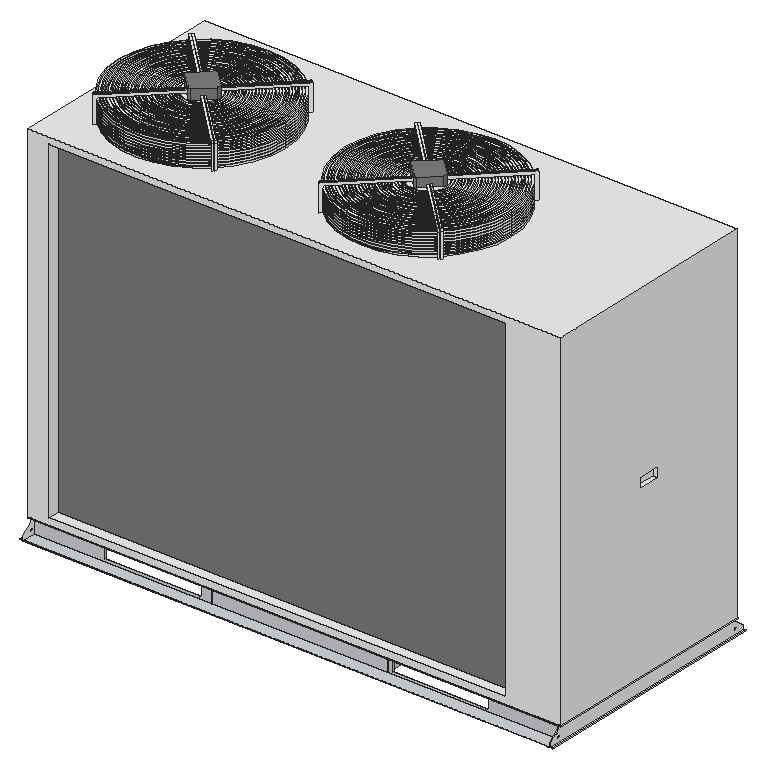
Revit family "CHP040VP", category Generic Models, Revit 2017
Family settings
  Can host rebar = No
  Round Connector Dimension = Use Diameter
  Part Type = Normal
  Work Plane-Based = No
  Always vertical = Yes
  Cut with Voids When Loaded = No
  Shared = No
  Room Calculation Point = No
Parameters
  Weight [instance] = 380.00 kg
  Refrigerant type [instance] = "R513A"
  Recovery rate at 20°C amb / 50°C rise [instance] = "680 l/hr"
  Rated Sound Power Level [instance] = "68.7 dB(A)"
  Power input [instance] = "9.7 kW"
  Model = "CHP040V / CHP040H"
  Hot water connections [instance] = "R 2"
  Electrical [instance] = "415 / 3 / 50"
  Cold water connection [instance] = "R 2"
  Coefficient of Performance (COP) [instance] = "4.1"
Reference planes
  plane 1 "Center (Front/Back)": y = 0
  plane 2: z = 0
  plane 3 "Center (Left/Right)": x = 0
Forms (mm)
  Extrusion 1, solid, material "Aluminium"
    sketch origin (0, 0, 0) x (1, 0, 0) y (0, 1, 0)
      loop
        line (0, 0) -> (2050, 0) -> (2050, 850) -> (0, 850) -> (0, 0)
    from 0 to 1340
  Extrusion 2, solid, material "Aluminium"
    sketch origin (0, 0, 0) x (1, 0, 0) y (0, 1, 0)
      loop
        line (0, 887.5) -> (0, -37.5) -> (10, -37.5) -> (10, 887.5) -> (0, 887.5)
    from -58 to -60
  Extrusion 3, solid, material "Aluminium"
    sketch origin (0, 0, 1340) x (1, 0, 0) y (0, 1, 0)
      loop
        circle (360, 386.924) r 320
    from 0 to 90
  Extrusion 4, solid, material "Default Floor"
    sketch origin (57.5, 0, 1430) x (1, 0, 0) y (0, 1, 0)
      loop
        arc (312.071, 450.564) -> (305, 453.493) -> (297.929, 450.564) r 10
        line (297.929, 450.564) -> (241.36, 393.995)
        arc (241.36, 393.995) -> (238.431, 386.924) -> (241.36, 379.853) r 10
        line (241.36, 379.853) -> (297.929, 323.284)
        arc (297.929, 323.284) -> (305, 320.355) -> (312.071, 323.284) r 10
        line (312.071, 323.284) -> (368.64, 379.853)
        arc (368.64, 379.853) -> (371.569, 386.924) -> (368.64, 393.995) r 10
        line (368.64, 393.995) -> (312.071, 450.564)
    from -5 to 35
  Extrusion 5, solid, material "Aluminium"
    sketch origin (682.265, 562.09, 240) x (0.706964, -0.70725, 0) y (0, 0, -1)
      loop
        line (-429.007, -1200.097) -> (-152.177, -1200.097) -> (-152.177, -1190.097) -> (-419.007, -1190.097)
        arc (-419.007, -1190.097) -> (-422.542, -1188.633) -> (-424.007, -1185.097) r 5
        line (-424.007, -1185.097) -> (-424.007, -1100.097) -> (-434.007, -1100.097) -> (-434.007, -1195.097)
        arc (-434.007, -1195.097) -> (-432.542, -1198.633) -> (-429.007, -1200.097) r 5
    from -350 to -355
  Extrusion 6, solid, material "Aluminium"
    sketch origin (689.337, 569.161, 240) x (0.706964, -0.70725, 0) y (0, 0, -1)
      loop
        line (-429.004, -1200.097) -> (-152.177, -1200.097) -> (-152.177, -1190.097) -> (-419.004, -1190.097)
        arc (-419.004, -1190.097) -> (-422.54, -1188.633) -> (-424.004, -1185.097) r 5
        line (-424.004, -1185.097) -> (-424.004, -1100.097) -> (-434.004, -1100.097) -> (-434.004, -1195.097)
        arc (-434.004, -1195.097) -> (-432.54, -1198.633) -> (-429.004, -1200.097) r 5
    from -350 to -355
  Extrusion 7, solid, material "Aluminium"
    sketch origin (682.265, 211.758, 240) x (0.706964, 0.70725, 0) y (0, 0, 1)
      loop
        arc (-429.007, 1200.097) -> (-432.542, 1198.633) -> (-434.007, 1195.097) r 5
        line (-434.007, 1195.097) -> (-434.007, 1100.097) -> (-424.007, 1100.097) -> (-424.007, 1185.097)
        arc (-424.007, 1185.097) -> (-422.542, 1188.633) -> (-419.007, 1190.097) r 5
        line (-419.007, 1190.097) -> (-152.177, 1190.097) -> (-152.177, 1200.097) -> (-429.007, 1200.097)
    from -350 to -355
  Extrusion 8, solid, material "Aluminium"
    sketch origin (689.337, 204.687, 240) x (0.706964, 0.70725, 0) y (0, 0, 1)
      loop
        arc (-429.004, 1200.097) -> (-432.54, 1198.633) -> (-434.004, 1195.097) r 5
        line (-434.004, 1195.097) -> (-434.004, 1100.097) -> (-424.004, 1100.097) -> (-424.004, 1185.097)
        arc (-424.004, 1185.097) -> (-422.54, 1188.633) -> (-419.004, 1190.097) r 5
        line (-419.004, 1190.097) -> (-152.177, 1190.097) -> (-152.177, 1200.097) -> (-429.004, 1200.097)
    from -350 to -355
  Extrusion 9, solid, material "Aluminium"
    sketch origin (44.502, 560.321, 240) x (-0.706964, -0.70725, 0) y (0, 0, 1)
      loop
        arc (-429.007, 1200.097) -> (-432.542, 1198.633) -> (-434.007, 1195.097) r 5
        line (-434.007, 1195.097) -> (-434.007, 1100.097) -> (-424.007, 1100.097) -> (-424.007, 1185.097)
        arc (-424.007, 1185.097) -> (-422.542, 1188.633) -> (-419.007, 1190.097) r 5
        line (-419.007, 1190.097) -> (-152.177, 1190.097) -> (-152.177, 1200.097) -> (-429.007, 1200.097)
    from -350 to -355
  Extrusion 10, solid, material "Aluminium"
    sketch origin (37.43, 567.392, 240) x (-0.706964, -0.70725, 0) y (0, 0, 1)
      loop
        arc (-429.004, 1200.097) -> (-432.54, 1198.633) -> (-434.004, 1195.097) r 5
        line (-434.004, 1195.097) -> (-434.004, 1100.097) -> (-424.004, 1100.097) -> (-424.004, 1185.097)
        arc (-424.004, 1185.097) -> (-422.54, 1188.633) -> (-419.004, 1190.097) r 5
        line (-419.004, 1190.097) -> (-152.177, 1190.097) -> (-152.177, 1200.097) -> (-429.004, 1200.097)
    from -350 to -355
  Extrusion 11, solid, material "Aluminium"
    sketch origin (44.502, 209.99, 240) x (-0.706964, 0.70725, 0) y (0, 0, -1)
      loop
        line (-429.007, -1200.097) -> (-152.177, -1200.097) -> (-152.177, -1190.097) -> (-419.007, -1190.097)
        arc (-419.007, -1190.097) -> (-422.542, -1188.633) -> (-424.007, -1185.097) r 5
        line (-424.007, -1185.097) -> (-424.007, -1100.097) -> (-434.007, -1100.097) -> (-434.007, -1195.097)
        arc (-434.007, -1195.097) -> (-432.542, -1198.633) -> (-429.007, -1200.097) r 5
    from -350 to -355
  Extrusion 12, solid, material "Aluminium"
    sketch origin (37.43, 202.919, 240) x (-0.706964, 0.70725, 0) y (0, 0, -1)
      loop
        line (-429.004, -1200.097) -> (-152.177, -1200.097) -> (-152.177, -1190.097) -> (-419.004, -1190.097)
        arc (-419.004, -1190.097) -> (-422.54, -1188.633) -> (-424.004, -1185.097) r 5
        line (-424.004, -1185.097) -> (-424.004, -1100.097) -> (-434.004, -1100.097) -> (-434.004, -1195.097)
        arc (-434.004, -1195.097) -> (-432.54, -1198.633) -> (-429.004, -1200.097) r 5
    from -350 to -355
  Extrusion 13, void
    sketch origin (0, 0, 1340) x (1, 0, 0) y (0, 1, 0)
      loop
        circle (360, 386.924) r 315
      loop
        circle (360, 386.924) r 310
      loop
        circle (360, 386.924) r 305
      loop
        circle (360, 386.924) r 300
      loop
        circle (360, 386.924) r 295
      loop
        circle (360, 386.924) r 290
      loop
        circle (360, 386.924) r 285
      loop
        circle (360, 386.924) r 280
      loop
        circle (360, 386.924) r 275
      loop
        circle (360, 386.924) r 270
      loop
        circle (360, 386.924) r 265
      loop
        circle (360, 386.924) r 260
      loop
        circle (360, 386.924) r 255
      loop
        circle (360, 386.924) r 250
      loop
        circle (360, 386.924) r 245
      loop
        circle (360, 386.924) r 240
      loop
        circle (360, 386.924) r 235
      loop
        circle (360, 386.924) r 230
      loop
        circle (360, 386.924) r 225
      loop
        circle (360, 386.924) r 220
      loop
        circle (360, 386.924) r 215
      loop
        circle (360, 386.924) r 210
      loop
        circle (360, 386.924) r 205
      loop
        circle (360, 386.924) r 200
      loop
        circle (360, 386.924) r 195
      loop
        circle (360, 386.924) r 190
      loop
        circle (360, 386.924) r 185
      loop
        circle (360, 386.924) r 180
      loop
        circle (360, 386.924) r 175
      loop
        circle (360, 386.924) r 170
      loop
        circle (360, 386.924) r 165
      loop
        circle (360, 386.924) r 160
      loop
        circle (360, 386.924) r 155
      loop
        circle (360, 386.924) r 150
      loop
        circle (360, 386.924) r 145
      loop
        circle (360, 386.924) r 140
      loop
        circle (360, 386.924) r 135
      loop
        circle (360, 386.924) r 130
      loop
        circle (360, 386.924) r 125
      loop
        circle (360, 386.924) r 120
      loop
        circle (360, 386.924) r 115
      loop
        circle (360, 386.924) r 110
      loop
        circle (360, 386.924) r 105
      loop
        circle (360, 386.924) r 100
      loop
        circle (360, 386.924) r 95
      loop
        circle (360, 386.924) r 90
      loop
        circle (360, 386.924) r 85
      loop
        circle (360, 386.924) r 80
      loop
        circle (360, 386.924) r 75
      loop
        circle (360, 386.924) r 70
    from 0 to 90
  Extrusion 14, void
    sketch origin (0, 0, 1345) x (1, 0, 0) y (0, 1, 0)
      loop
        circle (360, 386.924) r 320
    from 0 to 5
  Extrusion 15, void
    sketch origin (0, 0, 1355) x (1, 0, 0) y (0, 1, 0)
      loop
        circle (360, 386.924) r 320
    from 0 to 5
  Extrusion 16, void
    sketch origin (0, 0, 1365) x (1, 0, 0) y (0, 1, 0)
      loop
        circle (360, 386.924) r 320
    from 0 to 5
  Extrusion 17, void
    sketch origin (0, 0, 1375) x (1, 0, 0) y (0, 1, 0)
      loop
        circle (360, 386.924) r 320
    from 0 to 5
  Extrusion 18, void
    sketch origin (0, 0, 1385) x (1, 0, 0) y (0, 1, 0)
      loop
        circle (360, 386.924) r 320
    from 0 to 5
  Extrusion 19, void
    sketch origin (0, 0, 1395) x (1, 0, 0) y (0, 1, 0)
      loop
        circle (360, 386.924) r 320
    from 0 to 5
  Extrusion 20, void
    sketch origin (0, 0, 1405) x (1, 0, 0) y (0, 1, 0)
      loop
        circle (360, 386.924) r 320
    from 0 to 5
  Extrusion 21, void
    sketch origin (0, 0, 1415) x (1, 0, 0) y (0, 1, 0)
      loop
        circle (360, 386.924) r 320
    from 0 to 5
  Extrusion 22, void
    sketch origin (0, 0, 1425) x (1, 0, 0) y (0, 1, 0)
      loop
        circle (360, 386.924) r 320
    from 0 to 5
  Extrusion 23, solid, material "Aluminium"
    sketch origin (870, 0, 1340) x (1, 0, 0) y (0, 1, 0)
      loop
        circle (360, 386.924) r 320
    from 0 to 90
  Extrusion 24, solid, material "Default Floor"
    sketch origin (927.5, 0, 1430) x (1, 0, 0) y (0, 1, 0)
      loop
        arc (312.071, 450.564) -> (305, 453.493) -> (297.929, 450.564) r 10
        line (297.929, 450.564) -> (241.36, 393.995)
        arc (241.36, 393.995) -> (238.431, 386.924) -> (241.36, 379.853) r 10
        line (241.36, 379.853) -> (297.929, 323.284)
        arc (297.929, 323.284) -> (305, 320.355) -> (312.071, 323.284) r 10
        line (312.071, 323.284) -> (368.64, 379.853)
        arc (368.64, 379.853) -> (371.569, 386.924) -> (368.64, 393.995) r 10
        line (368.64, 393.995) -> (312.071, 450.564)
    from -5 to 35
  Extrusion 25, solid, material "Aluminium"
    sketch origin (1552.265, 562.09, 240) x (0.706964, -0.70725, 0) y (0, 0, -1)
      loop
        line (-429.007, -1200.097) -> (-152.177, -1200.097) -> (-152.177, -1190.097) -> (-419.007, -1190.097)
        arc (-419.007, -1190.097) -> (-422.542, -1188.633) -> (-424.007, -1185.097) r 5
        line (-424.007, -1185.097) -> (-424.007, -1100.097) -> (-434.007, -1100.097) -> (-434.007, -1195.097)
        arc (-434.007, -1195.097) -> (-432.542, -1198.633) -> (-429.007, -1200.097) r 5
    from -350 to -355
  Extrusion 26, solid, material "Aluminium"
    sketch origin (1559.337, 569.161, 240) x (0.706964, -0.70725, 0) y (0, 0, -1)
      loop
        line (-429.004, -1200.097) -> (-152.177, -1200.097) -> (-152.177, -1190.097) -> (-419.004, -1190.097)
        arc (-419.004, -1190.097) -> (-422.54, -1188.633) -> (-424.004, -1185.097) r 5
        line (-424.004, -1185.097) -> (-424.004, -1100.097) -> (-434.004, -1100.097) -> (-434.004, -1195.097)
        arc (-434.004, -1195.097) -> (-432.54, -1198.633) -> (-429.004, -1200.097) r 5
    from -350 to -355
  Extrusion 27, solid, material "Aluminium"
    sketch origin (1552.265, 211.758, 240) x (0.706964, 0.70725, 0) y (0, 0, 1)
      loop
        arc (-429.007, 1200.097) -> (-432.542, 1198.633) -> (-434.007, 1195.097) r 5
        line (-434.007, 1195.097) -> (-434.007, 1100.097) -> (-424.007, 1100.097) -> (-424.007, 1185.097)
        arc (-424.007, 1185.097) -> (-422.542, 1188.633) -> (-419.007, 1190.097) r 5
        line (-419.007, 1190.097) -> (-152.177, 1190.097) -> (-152.177, 1200.097) -> (-429.007, 1200.097)
    from -350 to -355
  Extrusion 28, solid, material "Aluminium"
    sketch origin (1559.337, 204.687, 240) x (0.706964, 0.70725, 0) y (0, 0, 1)
      loop
        arc (-429.004, 1200.097) -> (-432.54, 1198.633) -> (-434.004, 1195.097) r 5
        line (-434.004, 1195.097) -> (-434.004, 1100.097) -> (-424.004, 1100.097) -> (-424.004, 1185.097)
        arc (-424.004, 1185.097) -> (-422.54, 1188.633) -> (-419.004, 1190.097) r 5
        line (-419.004, 1190.097) -> (-152.177, 1190.097) -> (-152.177, 1200.097) -> (-429.004, 1200.097)
    from -350 to -355
  Extrusion 29, solid, material "Aluminium"
    sketch origin (914.502, 560.321, 240) x (-0.706964, -0.70725, 0) y (0, 0, 1)
      loop
        arc (-429.007, 1200.097) -> (-432.542, 1198.633) -> (-434.007, 1195.097) r 5
        line (-434.007, 1195.097) -> (-434.007, 1100.097) -> (-424.007, 1100.097) -> (-424.007, 1185.097)
        arc (-424.007, 1185.097) -> (-422.542, 1188.633) -> (-419.007, 1190.097) r 5
        line (-419.007, 1190.097) -> (-152.177, 1190.097) -> (-152.177, 1200.097) -> (-429.007, 1200.097)
    from -350 to -355
  Extrusion 30, solid, material "Aluminium"
    sketch origin (907.43, 567.392, 240) x (-0.706964, -0.70725, 0) y (0, 0, 1)
      loop
        arc (-429.004, 1200.097) -> (-432.54, 1198.633) -> (-434.004, 1195.097) r 5
        line (-434.004, 1195.097) -> (-434.004, 1100.097) -> (-424.004, 1100.097) -> (-424.004, 1185.097)
        arc (-424.004, 1185.097) -> (-422.54, 1188.633) -> (-419.004, 1190.097) r 5
        line (-419.004, 1190.097) -> (-152.177, 1190.097) -> (-152.177, 1200.097) -> (-429.004, 1200.097)
    from -350 to -355
  Extrusion 31, solid, material "Aluminium"
    sketch origin (914.502, 209.99, 240) x (-0.706964, 0.70725, 0) y (0, 0, -1)
      loop
        line (-429.007, -1200.097) -> (-152.177, -1200.097) -> (-152.177, -1190.097) -> (-419.007, -1190.097)
        arc (-419.007, -1190.097) -> (-422.542, -1188.633) -> (-424.007, -1185.097) r 5
        line (-424.007, -1185.097) -> (-424.007, -1100.097) -> (-434.007, -1100.097) -> (-434.007, -1195.097)
        arc (-434.007, -1195.097) -> (-432.542, -1198.633) -> (-429.007, -1200.097) r 5
    from -350 to -355
  Extrusion 32, solid, material "Aluminium"
    sketch origin (907.43, 202.919, 240) x (-0.706964, 0.70725, 0) y (0, 0, -1)
      loop
        line (-429.004, -1200.097) -> (-152.177, -1200.097) -> (-152.177, -1190.097) -> (-419.004, -1190.097)
        arc (-419.004, -1190.097) -> (-422.54, -1188.633) -> (-424.004, -1185.097) r 5
        line (-424.004, -1185.097) -> (-424.004, -1100.097) -> (-434.004, -1100.097) -> (-434.004, -1195.097)
        arc (-434.004, -1195.097) -> (-432.54, -1198.633) -> (-429.004, -1200.097) r 5
    from -350 to -355
  Extrusion 33, void
    sketch origin (870, 0, 1340) x (1, 0, 0) y (0, 1, 0)
      loop
        circle (360, 386.924) r 315
      loop
        circle (360, 386.924) r 310
      loop
        circle (360, 386.924) r 305
      loop
        circle (360, 386.924) r 300
      loop
        circle (360, 386.924) r 295
      loop
        circle (360, 386.924) r 290
      loop
        circle (360, 386.924) r 285
      loop
        circle (360, 386.924) r 280
      loop
        circle (360, 386.924) r 275
      loop
        circle (360, 386.924) r 270
      loop
        circle (360, 386.924) r 265
      loop
        circle (360, 386.924) r 260
      loop
        circle (360, 386.924) r 255
      loop
        circle (360, 386.924) r 250
      loop
        circle (360, 386.924) r 245
      loop
        circle (360, 386.924) r 240
      loop
        circle (360, 386.924) r 235
      loop
        circle (360, 386.924) r 230
      loop
        circle (360, 386.924) r 225
      loop
        circle (360, 386.924) r 220
      loop
        circle (360, 386.924) r 215
      loop
        circle (360, 386.924) r 210
      loop
        circle (360, 386.924) r 205
      loop
        circle (360, 386.924) r 200
      loop
        circle (360, 386.924) r 195
      loop
        circle (360, 386.924) r 190
      loop
        circle (360, 386.924) r 185
      loop
        circle (360, 386.924) r 180
      loop
        circle (360, 386.924) r 175
      loop
        circle (360, 386.924) r 170
      loop
        circle (360, 386.924) r 165
      loop
        circle (360, 386.924) r 160
      loop
        circle (360, 386.924) r 155
      loop
        circle (360, 386.924) r 150
      loop
        circle (360, 386.924) r 145
      loop
        circle (360, 386.924) r 140
      loop
        circle (360, 386.924) r 135
      loop
        circle (360, 386.924) r 130
      loop
        circle (360, 386.924) r 125
      loop
        circle (360, 386.924) r 120
      loop
        circle (360, 386.924) r 115
      loop
        circle (360, 386.924) r 110
      loop
        circle (360, 386.924) r 105
      loop
        circle (360, 386.924) r 100
      loop
        circle (360, 386.924) r 95
      loop
        circle (360, 386.924) r 90
      loop
        circle (360, 386.924) r 85
      loop
        circle (360, 386.924) r 80
      loop
        circle (360, 386.924) r 75
      loop
        circle (360, 386.924) r 70
    from 0 to 90
  Extrusion 34, void
    sketch origin (870, 0, 1345) x (1, 0, 0) y (0, 1, 0)
      loop
        circle (360, 386.924) r 320
    from 0 to 5
  Extrusion 35, void
    sketch origin (870, 0, 1355) x (1, 0, 0) y (0, 1, 0)
      loop
        circle (360, 386.924) r 320
    from 0 to 5
  Extrusion 36, void
    sketch origin (870, 0, 1365) x (1, 0, 0) y (0, 1, 0)
      loop
        circle (360, 386.924) r 320
    from 0 to 5
  Extrusion 37, void
    sketch origin (870, 0, 1375) x (1, 0, 0) y (0, 1, 0)
      loop
        circle (360, 386.924) r 320
    from 0 to 5
  Extrusion 38, void
    sketch origin (870, 0, 1385) x (1, 0, 0) y (0, 1, 0)
      loop
        circle (360, 386.924) r 320
    from 0 to 5
  Extrusion 39, void
    sketch origin (870, 0, 1395) x (1, 0, 0) y (0, 1, 0)
      loop
        circle (360, 386.924) r 320
    from 0 to 5
  Extrusion 40, void
    sketch origin (870, 0, 1405) x (1, 0, 0) y (0, 1, 0)
      loop
        circle (360, 386.924) r 320
    from 0 to 5
  Extrusion 41, void
    sketch origin (870, 0, 1415) x (1, 0, 0) y (0, 1, 0)
      loop
        circle (360, 386.924) r 320
    from 0 to 5
  Extrusion 42, void
    sketch origin (870, 0, 1425) x (1, 0, 0) y (0, 1, 0)
      loop
        circle (360, 386.924) r 320
    from 0 to 5
  Extrusion 43, void
    sketch origin (870, 0, 1425) x (1, 0, 0) y (0, 1, 0)
      loop
        circle (360, 386.924) r 320
    from 0 to 5
  Extrusion 44, void
    sketch origin (0, 1150, 0) x (1, 0, 0) y (0, 0, 1)
      loop
        line (80, 25) -> (1840, 25) -> (1840, 1315) -> (80, 1315) -> (80, 25)
    from 1100 to 1150
  Extrusion 45, solid, material "Default Floor"
    sketch origin (0, 50, 0) x (1, 0, 0) y (0, 0, 1)
      loop
        line (80, 1315) -> (80, 25) -> (1840, 25) -> (1840, 1315) -> (80, 1315)
    from 0 to 5
  Extrusion 46, solid, material "Default Floor"
    sketch origin (-1577.447, 120, 0) x (0, 1, 0) y (0, 0, 1)
      loop
        circle (685, 105) r 25
      loop
        circle (685, 385) r 25
      loop
        circle (685, 385) r 20
      loop
        circle (685, 105) r 20
    from 1550 to 1585
  Extrusion 47, void
    sketch origin (930, 0, 0) x (0, 1, 0) y (0, 0, 1)
      loop
        line (470, 690) -> (380, 690) -> (380, 650) -> (470, 650) -> (470, 690)
    from 1100 to 1120
  Extrusion 48, void
    sketch origin (-1100, 0, 0) x (0, 1, 0) y (0, 0, 1)
      loop
        line (470, 690) -> (380, 690) -> (380, 650) -> (470, 650) -> (470, 690)
    from 1100 to 1120
  Extrusion 49, solid
    sketch origin (0, -15, 0) x (0, 1, 0) y (0, 0, 1)
      loop
        line (850, 0) -> (850, -60) -> (902.5, -60) -> (902.5, -58) -> (852, -58) -> (852, -2) -> (865, -2) -> (865, 0) -> (850, 0)
    from 12 to 2040
  Extrusion 50, solid, material "Aluminium"
    sketch origin (10, 0, 0) x (0, 1, 0) y (0, 0, 1)
      loop
        line (0, 0) -> (0, -15) -> (-37.5, -45) -> (-37.5, -60) -> (887.5, -60) -> (887.5, -45) -> (850, -15) -> (850, 0) -> (0, 0)
      loop
        circle (850, -40) r 7
      loop
        circle (0, -40) r 7
    from 0 to 2
  Extrusion 51, solid
    sketch origin (0, 865, 0) x (0, -1, 0) y (0, 0, -1)
      loop
        line (850, 0) -> (865, 0) -> (865, 2) -> (852, 2) -> (852, 58) -> (902.5, 58) -> (902.5, 60) -> (850, 60) -> (850, 0)
    from 12 to 2040
  Extrusion 52, solid, material "Aluminium"
    sketch origin (2052, 0, 0) x (-1, 0, 0) y (0, -1, 0)
      loop
        line (0, -887.5) -> (10, -887.5) -> (10, 37.5) -> (0, 37.5) -> (0, -887.5)
    from -58 to -60
  Extrusion 53, solid, material "Aluminium"
    sketch origin (2042, 0, 0) x (0, 1, 0) y (0, 0, -1)
      loop
        line (0, 0) -> (850, 0) -> (850, 15) -> (887.5, 45) -> (887.5, 60) -> (-37.5, 60) -> (-37.5, 45) -> (0, 15) -> (0, 0)
      loop
        circle (850, 40) r 7
      loop
        circle (0, 40) r 7
    from 0 to 2
  Extrusion 54, void
    sketch origin (0, 1125, 0) x (1, 0, 0) y (0, 0, 1)
      loop
        line (287.001, -10) -> (287.001, -50) -> (657.001, -50) -> (657.001, -10) -> (287.001, -10)
      loop
        line (1764.999, -10) -> (1394.999, -10) -> (1394.999, -50) -> (1764.999, -50) -> (1764.999, -10)
    from 275 to 1125
  Extrusion 55, solid, material "Aluminium"
    sketch origin (0, 0, 58) x (1, 0, 0) y (0, 1, 0)
      loop
        line (0, 850) -> (0, 0) -> (10, 0) -> (10, 850) -> (0, 850)
    from -58 to -60
  Extrusion 56, solid, material "Aluminium"
    sketch origin (2052, 0, 58) x (-1, 0, 0) y (0, -1, 0)
      loop
        line (0, -850) -> (10, -850) -> (10, 0) -> (0, 0) -> (0, -850)
    from -58 to -60
  Extrusion 57, solid
    sketch origin (0, 1120, 0) x (1, 0, 0) y (0, 0, 1)
      loop
        line (677.001, -2) -> (677.001, -60) -> (697.001, -60) -> (697.001, -2) -> (677.001, -2)
      loop
        line (1372.999, -2) -> (1352.999, -2) -> (1352.999, -60) -> (1372.999, -60) -> (1372.999, -2)
    from 285 to 1105
Cuts and joins
  Extrusion 13, Extrusion 14, Extrusion 15, Extrusion 16, Extrusion 17, Extrusion 18, Extrusion 19, Extrusion 20, Extrusion 21, Extrusion 22, Extrusion 34, Extrusion 35, Extrusion 36, Extrusion 37, Extrusion 38, Extrusion 39, Extrusion 40, Extrusion 41, Extrusion 42, Extrusion 43 cuts Extrusion 3
  Extrusion 14, Extrusion 33, Extrusion 44, Extrusion 47, Extrusion 48 cuts Extrusion 1
  Extrusion 33, Extrusion 43 cuts Extrusion 9
  Extrusion 33, Extrusion 43 cuts Extrusion 10
  Extrusion 33, Extrusion 43 cuts Extrusion 11
  Extrusion 33, Extrusion 43 cuts Extrusion 12
  Extrusion 33, Extrusion 34, Extrusion 35, Extrusion 36, Extrusion 37, Extrusion 38, Extrusion 39, Extrusion 40, Extrusion 41, Extrusion 43 cuts Extrusion 23
  Extrusion 33 cuts Extrusion 29
  Extrusion 33 cuts Extrusion 30
  Extrusion 33 cuts Extrusion 31
  Extrusion 33 cuts Extrusion 32
  Extrusion 42, Extrusion 43 cuts Extrusion 4
  Extrusion 42, Extrusion 43 cuts Extrusion 5
  Extrusion 42, Extrusion 43 cuts Extrusion 6
  Extrusion 42, Extrusion 43 cuts Extrusion 7
  Extrusion 42, Extrusion 43 cuts Extrusion 8
  Extrusion 42 cuts Extrusion 24
  Extrusion 54 cuts Extrusion 51
  Extrusion 54 cuts Extrusion 49
Dimensions and locks
  plane 3 "Center (Left/Right)" to Extrusion 55 = 10 mm
  aligned and locked: level to plane 2
